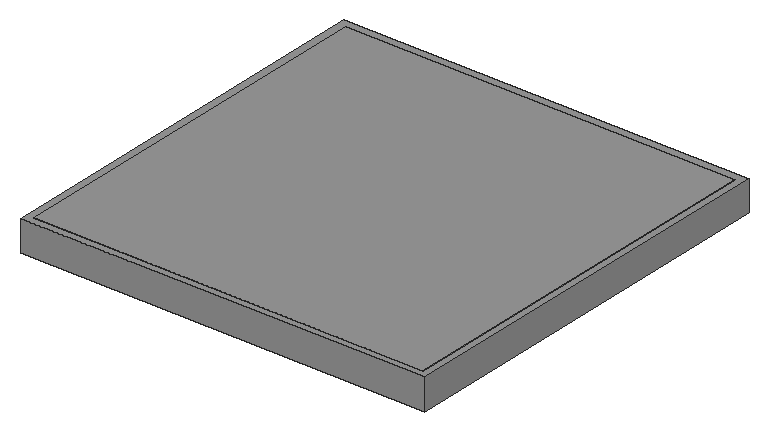
Revit family "ДВО-09 30 Вт Грильято DALI", category Осветительные приборы, Revit 2019 (continued)
Types (6, lengths in mm): name | Эффективность светильника | Файл фотометрической сетки | Тип рассеивателя | Световой поток модуля | built-in parameter 1150142 | Wattage | built-in parameter 1114217 | built-in parameter 1150134 | Lumens | built-in parameter 1150105 | Категория по ограничению яркости | built-in parameter 1150107 | built-in parameter 1150106 | Габаритная яркость | Артикул | URL
    1055.1 1043.6 1032.1 1020.1 1007.7 995.1 982.0 968.3 954.5 940.5 926.0 911.6 896.4 881.5 865.6 850.1 833.9 817.7 801.0 784.3 767.3 750.5 733.2 716.1 698.4 680.8 662.5 644.3 625.5 606.7 587.4 568.2 548.4 528.9 509.0 489.1 468.8 448.8 428.2 407.8 387.1 366.6 345.6 325.0 304.0 283.4 262.5 242.3 221.7 201.9 182.0 162.7 143.6 124.9 107.4 90.3 74.6 59.7 46.8 35.2 26.0 18.6 13.5 10.1 7.9 6.9 6.3 6.1 6.2 6.2 6.2 6.2 6.3 6.4 0.0 0.0 0.0 0.0 0.0 0.0 0.0 0.0 0.0 0.0 0.0 0.0 0.0 0.0 0.0 0.0 0.0 0.0 0.0 0.0 0.0 0.0 0.0 0.0 0.0 0.0 0.0 0.0 0.0 0.0 0.0 0.0 0.0 0.0 0.0 0.0 0.0 0.0 0.0 0.0 0.0 0.0 0.0 0.0 0.0 0.0 0.0 0.0 0.0 0.0 0.0 0.0 0.0 0.0 0.0 0.0 0.0 0.0 0.0 0.0 0.0\r\n1213.1 1212.4 1211.2 1209.5 1207.3 1204.6 1201.4 1197.9 1193.9 1189.7 1184.8 1179.6 1173.9 1167.8 1161.1 1154.1 1146.5 1138.6 1130.3 1121.6 1112.5 1102.9 1093.3 1083.0 1072.6 1061.6 1050.5 1038.7 1027.0 1014.6 1002.0 989.0 975.7 961.8 947.9 933.7 919.2 904.6 889.6 874.5 859.0 843.5 827.5 811.2 794.7 777.8 760.8 743.6 726.1 708.5 690.7 672.6 654.3 635.8 617.2 598.2 579.1 559.8 540.3 520.6 500.6 480.7 460.3 440.2 419.4 399.0 378.2 357.6 336.7 316.2 295.3 275.0 254.3 234.4 214.1 194.5 175.0 156.0 137.2 119.1 101.8 85.3 70.0 55.8 43.3 32.6 23.9 17.1 12.4 9.3 7.5 6.7 6.4 6.3 6.4 6.4 6.3 6.4 6.5 6.6 0.0 0.0 0.0 0.0 0.0 0.0 0.0 0.0 0.0 0.0 0.0 0.0 0.0 0.0 0.0 0.0 0.0 0.0 0.0 0.0 0.0 0.0 0.0 0.0 0.0 0.0 0.0 0.0 0.0 0.0 0.0 0.0 0.0 0.0 0.0 0.0 0.0 0.0 0.0 0.0 0.0 0.0 0.0 0.0 0.0 0.0 0.0 0.0 0.0 0.0 0.0 0.0 0.0 0.0 0.0 0.0 0.0 0.0 0.0 0.0 0.0\r\n1213.1 1212.4 1211.0 1209.0 1206.6 1203.8 1200.3 1196.6 1192.3 1187.9 1182.9 1177.6 1171.6 1165.5 1158.5 1151.3 1143.5 1135.3 1126.8 1117.8 1108.6 1098.9 1089.1 1078.7 1068.2 1057.1 1045.8 1033.8 1021.8 1009.1 996.3 982.8 969.3 955.2 941.2 926.8 912.4 897.5 882.7 867.5 852.4 836.8 821.0 804.7 788.4 771.2 754.2 736.6 719.0 700.8 683.0 664.4 646.1 627.2 608.8 589.7 570.8 551.3 532.1 512.2 492.1 472.3 451.8 431.6 410.6 390.1 369.2 348.6 327.7 307.3 286.6 266.5 246.0 226.4 206.4 187.1 167.9 149.3 130.8 113.3 96.2 80.2 65.4 51.9 39.8 29.9 21.7 15.6 11.2 8.5 7.0 6.5 6.4 6.4 6.5 6.6 6.4 6.6 6.7 6.7 0.0 0.0 0.0 0.0 0.0 0.0 0.0 0.0 0.0 0.0 0.0 0.0 0.0 0.0 0.0 0.0 0.0 0.0 0.0 0.0 0.0 0.0 0.0 0.0 0.0 0.0 0.0 0.0 0.0 0.0 0.0 0.0 0.0 0.0 0.0 0.0 0.0 0.0 0.0 0.0 0.0 0.0 0.0 0.0 0.0 0.0 0.0 0.0 0.0 0.0 0.0 0.0 0.0 0.0 0.0 0.0 0.0 0.0 0.0 0.0 0.0\r\n1213.1 1212.5 1211.3 1209.5 1207.5 1205.0 1202.2 1198.8 1194.8 1190.7 1186.0 1181.0 1175.4 1169.1 1162.5 1155.4 1147.9 1140.1 1131.6 1123.0 1114.0 1104.9 1095.6 1085.8 1075.4 1064.4 1053.3 1041.6 1029.7 1017.2 1004.6 991.4 978.3 964.7 951.1 937.4 923.4 908.9 894.5 879.4 864.4 848.5 832.5 815.9 799.4 782.4 765.5 748.1 730.8 713.1 695.7 677.3 659.3 640.5 621.9 602.4 583.3 563.7 544.6 524.8 505.4 485.4 465.4 444.8 424.7 403.8 382.9 362.4 341.4 320.7 299.8 279.3 258.6 238.4 217.9 198.2 178.3 159.2 140.1 121.9 104.0 87.4 71.6 57.5 44.5 33.3 24.2 17.3 12.3 9.1 7.2 6.3 6.1 6.1 6.1 6.2 6.1 6.2 6.3 6.2 0.0 0.0 0.0 0.0 0.0 0.0 0.0 0.0 0.0 0.0 0.0 0.0 0.0 0.0 0.0 0.0 0.0 0.0 0.0 0.0 0.0 0.0 0.0 0.0 0.0 0.0 0.0 0.0 0.0 0.0 0.0 0.0 0.0 0.0 0.0 0.0 0.0 0.0 0.0 0.0 0.0 0.0 0.0 0.0 0.0 0.0 0.0 0.0 0.0 0.0 0.0 0.0 0.0 0.0 0.0 0.0 0.0 0.0 0.0 0.0 0.0\r\n1213.1 1212.5 1211.4 1209.7 1207.7 1205.2 1202.4 1199.0 1195.1 1191.1 1186.4 1181.3 1175.8 1169.6 1163.1 1156.1 1148.7 1141.0 1132.7 1124.2 1115.2 1105.9 1096.5 1086.6 1076.2 1065.2 1054.2 1042.6 1030.9 1018.7 1006.2 993.3 980.2 966.5 952.8 939.0 924.7 910.3 895.5 880.5 865.0 849.3 833.2 816.8 800.2 783.4 766.4 749.3 732.0 714.6 697.1 679.1 660.9 642.4 623.7 604.6 585.4 566.0 546.5 526.9 507.2 487.3 467.1 446.8 426.5 405.8 385.0 364.5 343.5 322.9 301.9 281.4 260.6 240.4 219.8 200.1 180.2 161.0 141.9 123.4 105.7 88.9 73.1 58.6 45.7 34.3 25.1 18.0 12.9 9.6 7.6 6.6 6.2 6.1 6.2 6.2 6.2 6.2 6.3 6.3 0.0 0.0 0.0 0.0 0.0 0.0 0.0 0.0 0.0 0.0 0.0 0.0 0.0 0.0 0.0 0.0 0.0 0.0 0.0 0.0 0.0 0.0 0.0 0.0 0.0 0.0 0.0 0.0 0.0 0.0 0.0 0.0 0.0 0.0 0.0 0.0 0.0 0.0 0.0 0.0 0.0 0.0 0.0 0.0 0.0 0.0 0.0 0.0 0.0 0.0 0.0 0.0 0.0 0.0 0.0 0.0 0.0 0.0 0.0 0.0 0.0\r\n1213.1 1212.4 1211.4 1209.9 1207.9 1205.4 1202.5 1199.2 1195.4 1191.4 1186.7 1181.5 1176.1 1170.0 1163.6 1156.8 1149.5 1141.8 1133.8 1125.3 1116.3 1106.9 1097.4 1087.3 1076.9 1066.0 1055.1 1043.6 1032.1 1020.1 1007.7 995.1 982.0 968.3 954.5 940.5 926.0 911.6 896.4 881.5 865.6 850.1 833.9 817.7 801.0 784.3 767.3 750.5 733.2 716.1 698.4 680.8 662.5 644.3 625.5 606.7 587.4 568.2 548.4 528.9 509.0 489.1 468.8 448.8 428.2 407.8 387.1 366.6 345.6 325.0 304.0 283.4 262.5 242.3 221.7 201.9 182.0 162.7 143.6 124.9 107.4 90.3 74.6 59.7 46.8 35.2 26.0 18.6 13.5 10.1 7.9 6.9 6.3 6.1 6.2 6.2 6.2 6.2 6.3 6.4 0.0 0.0 0.0 0.0 0.0 0.0 0.0 0.0 0.0 0.0 0.0 0.0 0.0 0.0 0.0 0.0 0.0 0.0 0.0 0.0 0.0 0.0 0.0 0.0 0.0 0.0 0.0 0.0 0.0 0.0 0.0 0.0 0.0 0.0 0.0 0.0 0.0 0.0 0.0 0.0 0.0 0.0 0.0 0.0 0.0 0.0 0.0 0.0 0.0 0.0 0.0 0.0 0.0 0.0 0.0 0.0 0.0 0.0 0.0 0.0 0.0\r\n1213.1 1212.4 1211.2 1209.5 1207.3 1204.6 1201.4 1197.9 1193.9 1189.7 1184.8 1179.6 1173.9 1167.8 1161.1 1154.1 1146.5 1138.6 1130.3 1121.6 1112.5 1102.9 1093.3 1083.0 1072.6 1061.6 1050.5 1038.7 1027.0 1014.6 1002.0 989.0 975.7 961.8 947.9 933.7 919.2 904.6 889.6 874.5 859.0 843.5 827.5 811.2 794.7 777.8 760.8 743.6 726.1 708.5 690.7 672.6 654.3 635.8 617.2 598.2 579.1 559.8 540.3 520.6 500.6 480.7 460.3 440.2 419.4 399.0 378.2 357.6 336.7 316.2 295.3 275.0 254.3 234.4 214.1 194.5 175.0 156.0 137.2 119.1 101.8 85.3 70.0 55.8 43.3 32.6 23.9 17.1 12.4 9.3 7.5 6.7 6.4 6.3 6.4 6.4 6.3 6.4 6.5 6.6 0.0 0.0 0.0 0.0 0.0 0.0 0.0 0.0 0.0 0.0 0.0 0.0 0.0 0.0 0.0 0.0 0.0 0.0 0.0 0.0 0.0 0.0 0.0 0.0 0.0 0.0 0.0 0.0 0.0 0.0 0.0 0.0 0.0 0.0 0.0 0.0 0.0 0.0 0.0 0.0 0.0 0.0 0.0 0.0 0.0 0.0 0.0 0.0 0.0 0.0 0.0 0.0 0.0 0.0 0.0 0.0 0.0 0.0 0.0 0.0 0.0\r\n1213.1 1212.4 1211.0 1209.0 1206.6 1203.8 1200.3 1196.6 1192.3 1187.9 1182.9 1177.6 1171.6 1165.5 1158.5 1151.3 1143.5 1135.3 1126.8 1117.8 1108.6 1098.9 1089.1 1078.7 1068.2 1057.1 1045.8 1033.8 1021.8 1009.1 996.3 982.8 969.3 955.2 941.2 926.8 912.4 897.5 882.7 867.5 852.4 836.8 821.0 804.7 788.4 771.2 754.2 736.6 719.0 700.8 683.0 664.4 646.1 627.2 608.8 589.7 570.8 551.3 532.1 512.2 492.1 472.3 451.8 431.6 410.6 390.1 369.2 348.6 327.7 307.3 286.6 266.5 246.0 226.4 206.4 187.1 167.9 149.3 130.8 113.3 96.2 80.2 65.4 51.9 39.8 29.9 21.7 15.6 11.2 8.5 7.0 6.5 6.4 6.4 6.5 6.6 6.4 6.6 6.7 6.7 0.0 0.0 0.0 0.0 0.0 0.0 0.0 0.0 0.0 0.0 0.0 0.0 0.0 0.0 0.0 0.0 0.0 0.0 0.0 0.0 0.0 0.0 0.0 0.0 0.0 0.0 0.0 0.0 0.0 0.0 0.0 0.0 0.0 0.0 0.0 0.0 0.0 0.0 0.0 0.0 0.0 0.0 0.0 0.0 0.0 0.0 0.0 0.0 0.0 0.0 0.0 0.0 0.0 0.0 0.0 0.0 0.0 0.0 0.0 0.0 0.0\r\n1213.1 1212.5 1211.3 1209.5 1207.5 1205.0 1202.2 1198.8 1194.8 1190.7 1186.0 1181.0 1175.4 1169.1 1162.5 1155.4 1147.9 1140.1 1131.6 1123.0 1114.0 1104.9 1095.6 1085.8 1075.4 1064.4 1053.3 1041.6 1029.7 1017.2 1004.6 991.4 978.3 964.7 951.1 937.4 923.4 908.9 894.5 879.4 864.4 848.5 832.5 815.9 799.4 782.4 765.5 748.1 730.8 713.1 695.7 677.3 659.3 640.5 621.9 602.4 583.3 563.7 544.6 524.8 505.4 485.4 465.4 444.8 424.7 403.8 382.9 362.4 341.4 320.7 299.8 279.3 258.6 238.4 217.9 198.2 178.3 159.2 140.1 121.9 104.0 87.4 71.6 57.5 44.5 33.3 24.2 17.3 12.3 9.1 7.2 6.3 6.1 6.1 6.1 6.2 6.1 6.2 6.3 6.2 0.0 0.0 0.0 0.0 0.0 0.0 0.0 0.0 0.0 0.0 0.0 0.0 0.0 0.0 0.0 0.0 0.0 0.0 0.0 0.0 0.0 0.0 0.0 0.0 0.0 0.0 0.0 0.0 0.0 0.0 0.0 0.0 0.0 0.0 0.0 0.0 0.0 0.0 0.0 0.0 0.0 0.0 0.0 0.0 0.0 0.0 0.0 0.0 0.0 0.0 0.0 0.0 0.0 0.0 0.0 0.0 0.0 0.0 0.0 0.0 0.0\r\n1213.1 1212.5 1211.4 1209.7 1207.7 1205.2 1202.4 1199.0 1195.1 1191.1 1186.4 1181.3 1175.8 1169.6 1163.1 1156.1 1148.7 1141.0 1132.7 1124.2 1115.2 1105.9 1096.5 1086.6 1076.2 1065.2 1054.2 1042.6 1030.9 1018.7 1006.2 993.3 980.2 966.5 952.8 939.0 924.7 910.3 895.5 880.5 865.0 849.3 833.2 816.8 800.2 783.4 766.4 749.3 732.0 714.6 697.1 679.1 660.9 642.4 623.7 604.6 585.4 566.0 546.5 526.9 507.2 487.3 467.1 446.8 426.5 405.8 385.0 364.5 343.5 322.9 301.9 281.4 260.6 240.4 219.8 200.1 180.2 161.0 141.9 123.4 105.7 88.9 73.1 58.6 45.7 34.3 25.1 18.0 12.9 9.6 7.6 6.6 6.2 6.1 6.2 6.2 6.2 6.2 6.3 6.3 0.0 0.0 0.0 0.0 0.0 0.0 0.0 0.0 0.0 0.0 0.0 0.0 0.0 0.0 0.0 0.0 0.0 0.0 0.0 0.0 0.0 0.0 0.0 0.0 0.0 0.0 0.0 0.0 0.0 0.0 0.0 0.0 0.0 0.0 0.0 0.0 0.0 0.0 0.0 0.0 0.0 0.0 0.0 0.0 0.0 0.0 0.0 0.0 0.0 0.0 0.0 0.0 0.0 0.0 0.0 0.0 0.0 0.0 0.0 0.0 0.0\r\n1213.1 1212.4 1211.4 1209.9 1207.9 1205.4 1202.5 1199.2 1195.4 1191.4 1186.7 1181.5 1176.1 1170.0 1163.6 1156.8 1149.5 1141.8 1133.8 1125.3 1116.3 1106.9 1097.4 1087.3 1076.9 1066.0 1055.1 1043.6 1032.1 1020.1 1007.7 995.1 982.0 968.3 954.5 940.5 926.0 911.6 896.4 881.5 865.6 850.1 833.9 817.7 801.0 784.3 767.3 750.5 733.2 716.1 698.4 680.8 662.5 644.3 625.5 606.7 587.4 568.2 548.4 528.9 509.0 489.1 468.8 448.8 428.2 407.8 387.1 366.6 345.6 325.0 304.0 283.4 262.5 242.3 221.7 201.9 182.0 162.7 143.6 124.9 107.4 90.3 74.6 59.7 46.8 35.2 26.0 18.6 13.5 10.1 7.9 6.9 6.3 6.1 6.2 6.2 6.2 6.2 6.3 6.4 0.0 0.0 0.0 0.0 0.0 0.0 0.0 0.0 0.0 0.0 0.0 0.0 0.0 0.0 0.0 0.0 0.0 0.0 0.0 0.0 0.0 0.0 0.0 0.0 0.0 0.0 0.0 0.0 0.0 0.0 0.0 0.0 0.0 0.0 0.0 0.0 0.0 0.0 0.0 0.0 0.0 0.0 0.0 0.0 0.0 0.0 0.0 0.0 0.0 0.0 0.0 0.0 0.0 0.0 0.0 0.0 0.0 0.0 0.0 0.0 0.0\r\n1213.1 1212.4 1211.2 1209.5 1207.3 1204.6 1201.4 1197.9 1193.9 1189.7 1184.8 1179.6 1173.9 1167.8 1161.1 1154.1 1146.5 1138.6 1130.3 1121.6 1112.5 1102.9 1093.3 1083.0 1072.6 1061.6 1050.5 1038.7 1027.0 1014.6 1002.0 989.0 975.7 961.8 947.9 933.7 919.2 904.6 889.6 874.5 859.0 843.5 827.5 811.2 794.7 777.8 760.8 743.6 726.1 708.5 690.7 672.6 654.3 635.8 617.2 598.2 579.1 559.8 540.3 520.6 500.6 480.7 460.3 440.2 419.4 399.0 378.2 357.6 336.7 316.2 295.3 275.0 254.3 234.4 214.1 194.5 175.0 156.0 137.2 119.1 101.8 85.3 70.0 55.8 43.3 32.6 23.9 17.1 12.4 9.3 7.5 6.7 6.4 6.3 6.4 6.4 6.3 6.4 6.5 6.6 0.0 0.0 0.0 0.0 0.0 0.0 0.0 0.0 0.0 0.0 0.0 0.0 0.0 0.0 0.0 0.0 0.0 0.0 0.0 0.0 0.0 0.0 0.0 0.0 0.0 0.0 0.0 0.0 0.0 0.0 0.0 0.0 0.0 0.0 0.0 0.0 0.0 0.0 0.0 0.0 0.0 0.0 0.0 0.0 0.0 0.0 0.0 0.0 0.0 0.0 0.0 0.0 0.0 0.0 0.0 0.0 0.0 0.0 0.0 0.0 0.0\r\n1213.1 1212.4 1211.0 1209.0 1206.6 1203.8 1200.3 1196.6 1192.3 1187.9 1182.9 1177.6 1171.6 1165.5 1158.5 1151.3 1143.5 1135.3 1126.8 1117.8 1108.6 1098.9 1089.1 1078.7 1068.2 1057.1 1045.8 1033.8 1021.8 1009.1 996.3 982.8 969.3 955.2 941.2 926.8 912.4 897.5 882.7 867.5 852.4 836.8 821.0 804.7 788.4 771.2 754.2 736.6 719.0 700.8 683.0 664.4 646.1 627.2 608.8 589.7 570.8 551.3 532.1 512.2 492.1 472.3 451.8 431.6 410.6 390.1 369.2 348.6 327.7 307.3 286.6 266.5 246.0 226.4 206.4 187.1 167.9 149.3 130.8 113.3 96.2 80.2 65.4 51.9 39.8 29.9 21.7 15.6 11.2 8.5 7.0 6.5 6.4 6.4 6.5 6.6 6.4 6.6 6.7 6.7 0.0 0.0 0.0 0.0 0.0 0.0 0.0 0.0 0.0 0.0 0.0 0.0 0.0 0.0 0.0 0.0 0.0 0.0 0.0 0.0 0.0 0.0 0.0 0.0 0.0 0.0 0.0 0.0 0.0 0.0 0.0 0.0 0.0 0.0 0.0 0.0 0.0 0.0 0.0 0.0 0.0 0.0 0.0 0.0 0.0 0.0 0.0 0.0 0.0 0.0 0.0 0.0 0.0 0.0 0.0 0.0 0.0 0.0 0.0 0.0 0.0\r\n1213.1 1212.5 1211.3 1209.5 1207.5 1205.0 1202.2 1198.8 1194.8 1190.7 1186.0 1181.0 1175.4 1169.1 1162.5 1155.4 1147.9 1140.1 1131.6 1123.0 1114.0 1104.9 1095.6 1085.8 1075.4 1064.4 1053.3 1041.6 1029.7 1017.2 1004.6 991.4 978.3 964.7 951.1 937.4 923.4 908.9 894.5 879.4 864.4 848.5 832.5 815.9 799.4 782.4 765.5 748.1 730.8 713.1 695.7 677.3 659.3 640.5 621.9 602.4 583.3 563.7 544.6 524.8 505.4 485.4 465.4 444.8 424.7 403.8 382.9 362.4 341.4 320.7 299.8 279.3 258.6 238.4 217.9 198.2 178.3 159.2 140.1 121.9 104.0 87.4 71.6 57.5 44.5 33.3 24.2 17.3 12.3 9.1 7.2 6.3 6.1 6.1 6.1 6.2 6.1 6.2 6.3 6.2 0.0 0.0 0.0 0.0 0.0 0.0 0.0 0.0 0.0 0.0 0.0 0.0 0.0 0.0 0.0 0.0 0.0 0.0 0.0 0.0 0.0 0.0 0.0 0.0 0.0 0.0 0.0 0.0 0.0 0.0 0.0 0.0 0.0 0.0 0.0 0.0 0.0 0.0 0.0 0.0 0.0 0.0 0.0 0.0 0.0 0.0 0.0 0.0 0.0 0.0 0.0 0.0 0.0 0.0 0.0 0.0 0.0 0.0 0.0 0.0 0.0\r\n1213.1 1212.5 1211.4 1209.7 1207.7 1205.2 1202.4 1199.0 1195.1 1191.1 1186.4 1181.3 1175.8 1169.6 1163.1 1156.1 1148.7 1141.0 1132.7 1124.2 1115.2 1105.9 1096.5 1086.6 1076.2 1065.2 1054.2 1042.6 1030.9 1018.7 1006.2 993.3 980.2 966.5 952.8 939.0 924.7 910.3 895.5 880.5 865.0 849.3 833.2 816.8 800.2 783.4 766.4 749.3 732.0 714.6 697.1 679.1 660.9 642.4 623.7 604.6 585.4 566.0 546.5 526.9 507.2 487.3 467.1 446.8 426.5 405.8 385.0 364.5 343.5 322.9 301.9 281.4 260.6 240.4 219.8 200.1 180.2 161.0 141.9 123.4 105.7 88.9 73.1 58.6 45.7 34.3 25.1 18.0 12.9 9.6 7.6 6.6 6.2 6.1 6.2 6.2 6.2 6.2 6.3 6.3 0.0 0.0 0.0 0.0 0.0 0.0 0.0 0.0 0.0 0.0 0.0 0.0 0.0 0.0 0.0 0.0 0.0 0.0 0.0 0.0 0.0 0.0 0.0 0.0 0.0 0.0 0.0 0.0 0.0 0.0 0.0 0.0 0.0 0.0 0.0 0.0 0.0 0.0 0.0 0.0 0.0 0.0 0.0 0.0 0.0 0.0 0.0 0.0 0.0 0.0 0.0 0.0 0.0 0.0 0.0 0.0 0.0 0.0 0.0 0.0 0.0\r\n1213.1 1212.4 1211.4 1209.9 1207.9 1205.4 1202.5 1199.2 1195.4 1191.4 1186.7 1181.5 1176.1 1170.0 1163.6 1156.8 1149.5 1141.8 1133.8 1125.3 1116.3 1106.9 1097.4 1087.3 1076.9 1066.0 1055.1 1043.6 1032.1 1020.1 1007.7 995.1 982.0 968.3 954.5 940.5 926.0 911.6 896.4 881.5 865.6 850.1 833.9 817.7 801.0 784.3 767.3 750.5 733.2 716.1 698.4 680.8 662.5 644.3 625.5 606.7 587.4 568.2 548.4 528.9 509.0 489.1 468.8 448.8 428.2 407.8 387.1 366.6 345.6 325.0 304.0 283.4 262.5 242.3 221.7 201.9 182.0 162.7 143.6 124.9 107.4 90.3 74.6 59.7 46.8 35.2 26.0 18.6 13.5 10.1 7.9 6.9 6.3 6.1 6.2 6.2 6.2 6.2 6.3 6.4 0.0 0.0 0.0 0.0 0.0 0.0 0.0 0.0 0.0 0.0 0.0 0.0 0.0 0.0 0.0 0.0 0.0 0.0 0.0 0.0 0.0 0.0 0.0 0.0 0.0 0.0 0.0 0.0 0.0 0.0 0.0 0.0 0.0 0.0 0.0 0.0 0.0 0.0 0.0 0.0 0.0 0.0 0.0 0.0 0.0 0.0 0.0 0.0 0.0 0.0 0.0 0.0 0.0 0.0 0.0 0.0 0.0 0.0 0.0 0.0 0.0\r\n1213.1 1212.4 1211.2 1209.5 1207.3 1204.6 1201.4 1197.9 1193.9 1189.7 1184.8 1179.6 1173.9 1167.8 1161.1 1154.1 1146.5 1138.6 1130.3 1121.6 1112.5 1102.9 1093.3 1083.0 1072.6 1061.6 1050.5 1038.7 1027.0 1014.6 1002.0 989.0 975.7 961.8 947.9 933.7 919.2 904.6 889.6 874.5 859.0 843.5 827.5 811.2 794.7 777.8 760.8 743.6 726.1 708.5 690.7 672.6 654.3 635.8 617.2 598.2 579.1 559.8 540.3 520.6 500.6 480.7 460.3 440.2 419.4 399.0 378.2 357.6 336.7 316.2 295.3 275.0 254.3 234.4 214.1 194.5 175.0 156.0 137.2 119.1 101.8 85.3 70.0 55.8 43.3 32.6 23.9 17.1 12.4 9.3 7.5 6.7 6.4 6.3 6.4 6.4 6.3 6.4 6.5 6.6 0.0 0.0 0.0 0.0 0.0 0.0 0.0 0.0 0.0 0.0 0.0 0.0 0.0 0.0 0.0 0.0 0.0 0.0 0.0 0.0 0.0 0.0 0.0 0.0 0.0 0.0 0.0 0.0 0.0 0.0 0.0 0.0 0.0 0.0 0.0 0.0 0.0 0.0 0.0 0.0 0.0 0.0 0.0 0.0 0.0 0.0 0.0 0.0 0.0 0.0 0.0 0.0 0.0 0.0 0.0 0.0 0.0 0.0 0.0 0.0 0.0\r\n1213.1 1212.4 1211.0 1209.0 1206.6 1203.8 1200.3 1196.6 1192.3 1187.9 1182.9 1177.6 1171.6 1165.5 1158.5 1151.3 1143.5 1135.3 1126.8 1117.8 1108.6 1098.9 1089.1 1078.7 1068.2 1057.1 1045.8 1033.8 1021.8 1009.1 996.3 982.8 969.3 955.2 941.2 926.8 912.4 897.5 882.7 867.5 852.4 836.8 821.0 804.7 788.4 771.2 754.2 736.6 719.0 700.8 683.0 664.4 646.1 627.2 608.8 589.7 570.8 551.3 532.1 512.2 492.1 472.3 451.8 431.6 410.6 390.1 369.2 348.6 327.7 307.3 286.6 266.5 246.0 226.4 206.4 187.1 167.9 149.3 130.8 113.3 96.2 80.2 65.4 51.9 39.8 29.9 21.7 15.6 11.2 8.5 7.0 6.5 6.4 6.4 6.5 6.6 6.4 6.6 6.7 6.7 0.0 0.0 0.0 0.0 0.0 0.0 0.0 0.0 0.0 0.0 0.0 0.0 0.0 0.0 0.0 0.0 0.0 0.0 0.0 0.0 0.0 0.0 0.0 0.0 0.0 0.0 0.0 0.0 0.0 0.0 0.0 0.0 0.0 0.0 0.0 0.0 0.0 0.0 0.0 0.0 0.0 0.0 0.0 0.0 0.0 0.0 0.0 0.0 0.0 0.0 0.0 0.0 0.0 0.0 0.0 0.0 0.0 0.0 0.0 0.0 0.0\r\n1213.1 1212.5 1211.3 1209.5 1207.5 1205.0 1202.2 1198.8 1194.8 1190.7 1186.0 1181.0 1175.4 1169.1 1162.5 1155.4 1147.9 1140.1 1131.6 1123.0 1114.0 1104.9 1095.6 1085.8 1075.4 1064.4 1053.3 1041.6 1029.7 1017.2 1004.6 991.4 978.3 964.7 951.1 937.4 923.4 908.9 894.5 879.4 864.4 848.5 832.5 815.9 799.4 782.4 765.5 748.1 730.8 713.1 695.7 677.3 659.3 640.5 621.9 602.4 583.3 563.7 544.6 524.8 505.4 485.4 465.4 444.8 424.7 403.8 382.9 362.4 341.4 320.7 299.8 279.3 258.6 238.4 217.9 198.2 178.3 159.2 140.1 121.9 104.0 87.4 71.6 57.5 44.5 33.3 24.2 17.3 12.3 9.1 7.2 6.3 6.1 6.1 6.1 6.2 6.1 6.2 6.3 6.2 0.0 0.0 0.0 0.0 0.0 0.0 0.0 0.0 0.0 0.0 0.0 0.0 0.0 0.0 0.0 0.0 0.0 0.0 0.0 0.0 0.0 0.0 0.0 0.0 0.0 0.0 0.0 0.0 0.0 0.0 0.0 0.0 0.0 0.0 0.0 0.0 0.0 0.0 0.0 0.0 0.0 0.0 0.0 0.0 0.0 0.0 0.0 0.0 0.0 0.0 0.0 0.0 0.0 0.0 0.0 0.0 0.0 0.0 0.0 0.0 0.0\r\n1213.1 1212.5 1211.4 1209.7 1207.7 1205.2 1202.4 1199.0 1195.1 1191.1 1186.4 1181.3 1175.8 1169.6 1163.1 1156.1 
